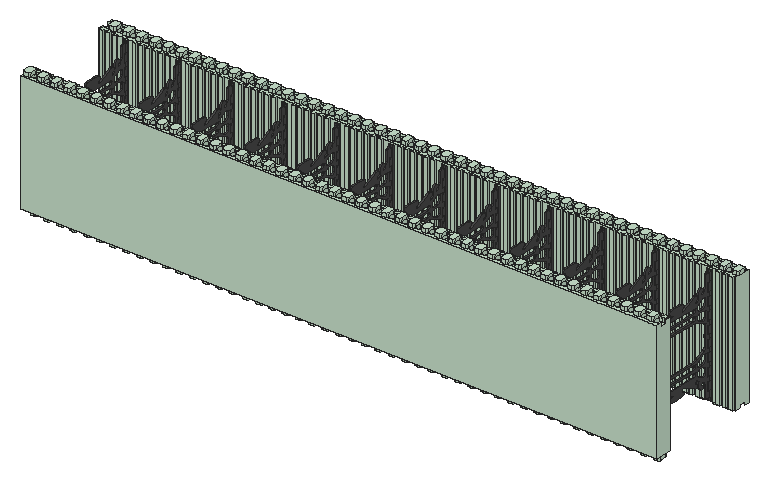
Revit family (continued)
Forms (mm)
  Extrusion 166, void
    sketch origin (1371.6, 76.139, 0) x (1, 0, 0) y (0, 1, 0)
      loop
        arc (29.796, 130.453) -> (26.615, 128.147) -> (25.4, 124.411) r 6.35
    from 0 to 12.7
  Extrusion 167, void
    sketch origin (1320.8, 76.139, 0) x (1, 0, 0) y (0, 1, 0)
      loop
        line (25.4, 124.411) -> (25.4, 101.014)
        arc (25.4, 101.014) -> (26.615, 97.278) -> (29.796, 94.972) r 6.35
        arc (29.796, 94.972) -> (36.091, 93.737) -> (42.5, 94.024) r 26.988
        arc (42.5, 94.024) -> (43.786, 93.668) -> (44.346, 92.457) r 1.587
        line (44.346, 92.457) -> (44.346, 86.829) -> (48.685, 86.829) -> (48.685, 95.62)
        arc (48.685, 95.62) -> (48.795, 96.199) -> (49.108, 96.698) r 1.588
        arc (49.108, 96.698) -> (50.362, 98.696) -> (50.8, 101.014) r 6.35
        line (50.8, 101.014) -> (50.8, 124.411)
        arc (50.8, 124.411) -> (49.585, 128.147) -> (46.404, 130.453) r 6.35
        arc (46.404, 130.453) -> (38.1, 131.763) -> (29.796, 130.453) r 26.987
        arc (29.796, 130.453) -> (26.615, 128.147) -> (25.4, 124.411) r 6.35
    from 0 to 12.7
  Extrusion 168, void
    sketch origin (1270, 76.139, 0) x (1, 0, 0) y (0, 1, 0)
      loop
        line (25.4, 124.411) -> (25.4, 101.014)
        arc (25.4, 101.014) -> (26.615, 97.278) -> (29.796, 94.972) r 6.35
        arc (29.796, 94.972) -> (36.091, 93.737) -> (42.5, 94.024) r 26.988
        arc (42.5, 94.024) -> (43.786, 93.668) -> (44.346, 92.457) r 1.587
        line (44.346, 92.457) -> (44.346, 86.829) -> (48.685, 86.829) -> (48.685, 95.62)
        arc (48.685, 95.62) -> (48.795, 96.199) -> (49.108, 96.698) r 1.588
        arc (49.108, 96.698) -> (50.362, 98.696) -> (50.8, 101.014) r 6.35
        line (50.8, 101.014) -> (50.8, 124.411)
        arc (50.8, 124.411) -> (49.585, 128.147) -> (46.404, 130.453) r 6.35
        arc (46.404, 130.453) -> (38.1, 131.763) -> (29.796, 130.453) r 26.987
        arc (29.796, 130.453) -> (26.615, 128.147) -> (25.4, 124.411) r 6.35
    from 0 to 12.7
  Extrusion 169, void
    sketch origin (1219.2, 76.139, 0) x (1, 0, 0) y (0, 1, 0)
      loop
        line (25.4, 124.411) -> (25.4, 101.014)
        arc (25.4, 101.014) -> (26.615, 97.278) -> (29.796, 94.972) r 6.35
        arc (29.796, 94.972) -> (36.091, 93.737) -> (42.5, 94.024) r 26.988
        arc (42.5, 94.024) -> (43.786, 93.668) -> (44.346, 92.457) r 1.587
        line (44.346, 92.457) -> (44.346, 86.829) -> (48.685, 86.829) -> (48.685, 95.62)
        arc (48.685, 95.62) -> (48.795, 96.199) -> (49.108, 96.698) r 1.588
        arc (49.108, 96.698) -> (50.362, 98.696) -> (50.8, 101.014) r 6.35
        line (50.8, 101.014) -> (50.8, 124.411)
        arc (50.8, 124.411) -> (49.585, 128.147) -> (46.404, 130.453) r 6.35
        arc (46.404, 130.453) -> (38.1, 131.763) -> (29.796, 130.453) r 26.987
        arc (29.796, 130.453) -> (26.615, 128.147) -> (25.4, 124.411) r 6.35
    from 0 to 12.7
  Extrusion 170, void
    sketch origin (1168.4, 76.139, 0) x (1, 0, 0) y (0, 1, 0)
      loop
        line (25.4, 124.411) -> (25.4, 101.014)
        arc (25.4, 101.014) -> (26.615, 97.278) -> (29.796, 94.972) r 6.35
        arc (29.796, 94.972) -> (36.091, 93.737) -> (42.5, 94.024) r 26.988
        arc (42.5, 94.024) -> (43.786, 93.668) -> (44.346, 92.457) r 1.587
        line (44.346, 92.457) -> (44.346, 86.829) -> (48.685, 86.829) -> (48.685, 95.62)
        arc (48.685, 95.62) -> (48.795, 96.199) -> (49.108, 96.698) r 1.588
        arc (49.108, 96.698) -> (50.362, 98.696) -> (50.8, 101.014) r 6.35
        line (50.8, 101.014) -> (50.8, 124.411)
        arc (50.8, 124.411) -> (49.585, 128.147) -> (46.404, 130.453) r 6.35
        arc (46.404, 130.453) -> (38.1, 131.763) -> (29.796, 130.453) r 26.987
        arc (29.796, 130.453) -> (26.615, 128.147) -> (25.4, 124.411) r 6.35
    from 0 to 12.7
  Extrusion 171, void
    sketch origin (1117.6, 76.139, 0) x (1, 0, 0) y (0, 1, 0)
      loop
        line (25.4, 124.411) -> (25.4, 101.014)
        arc (25.4, 101.014) -> (26.615, 97.278) -> (29.796, 94.972) r 6.35
        arc (29.796, 94.972) -> (36.091, 93.737) -> (42.5, 94.024) r 26.988
        arc (42.5, 94.024) -> (43.786, 93.668) -> (44.346, 92.457) r 1.587
        line (44.346, 92.457) -> (44.346, 86.829) -> (48.685, 86.829) -> (48.685, 95.62)
        arc (48.685, 95.62) -> (48.795, 96.199) -> (49.108, 96.698) r 1.588
        arc (49.108, 96.698) -> (50.362, 98.696) -> (50.8, 101.014) r 6.35
        line (50.8, 101.014) -> (50.8, 124.411)
        arc (50.8, 124.411) -> (49.585, 128.147) -> (46.404, 130.453) r 6.35
        arc (46.404, 130.453) -> (38.1, 131.763) -> (29.796, 130.453) r 26.987
        arc (29.796, 130.453) -> (26.615, 128.147) -> (25.4, 124.411) r 6.35
    from 0 to 12.7
  Extrusion 172, void
    sketch origin (1066.8, 76.139, 0) x (1, 0, 0) y (0, 1, 0)
      loop
        line (25.4, 124.411) -> (25.4, 101.014)
        arc (25.4, 101.014) -> (26.615, 97.278) -> (29.796, 94.972) r 6.35
        arc (29.796, 94.972) -> (36.091, 93.737) -> (42.5, 94.024) r 26.988
        arc (42.5, 94.024) -> (43.786, 93.668) -> (44.346, 92.457) r 1.587
        line (44.346, 92.457) -> (44.346, 86.829) -> (48.685, 86.829) -> (48.685, 95.62)
        arc (48.685, 95.62) -> (48.795, 96.199) -> (49.108, 96.698) r 1.588
        arc (49.108, 96.698) -> (50.362, 98.696) -> (50.8, 101.014) r 6.35
        line (50.8, 101.014) -> (50.8, 124.411)
        arc (50.8, 124.411) -> (49.585, 128.147) -> (46.404, 130.453) r 6.35
        arc (46.404, 130.453) -> (38.1, 131.763) -> (29.796, 130.453) r 26.987
        arc (29.796, 130.453) -> (26.615, 128.147) -> (25.4, 124.411) r 6.35
    from 0 to 12.7
  Extrusion 173, void
    sketch origin (1016, 76.139, 0) x (1, 0, 0) y (0, 1, 0)
      loop
        line (25.4, 124.411) -> (25.4, 101.014)
        arc (25.4, 101.014) -> (26.615, 97.278) -> (29.796, 94.972) r 6.35
        arc (29.796, 94.972) -> (36.091, 93.737) -> (42.5, 94.024) r 26.988
        arc (42.5, 94.024) -> (43.786, 93.668) -> (44.346, 92.457) r 1.587
        line (44.346, 92.457) -> (44.346, 86.829) -> (48.685, 86.829) -> (48.685, 95.62)
        arc (48.685, 95.62) -> (48.795, 96.199) -> (49.108, 96.698) r 1.588
        arc (49.108, 96.698) -> (50.362, 98.696) -> (50.8, 101.014) r 6.35
        line (50.8, 101.014) -> (50.8, 124.411)
        arc (50.8, 124.411) -> (49.585, 128.147) -> (46.404, 130.453) r 6.35
        arc (46.404, 130.453) -> (38.1, 131.763) -> (29.796, 130.453) r 26.987
        arc (29.796, 130.453) -> (26.615, 128.147) -> (25.4, 124.411) r 6.35
    from 0 to 12.7
  Extrusion 174, void
    sketch origin (965.2, 76.139, 0) x (1, 0, 0) y (0, 1, 0)
      loop
        line (25.4, 124.411) -> (25.4, 101.014)
        arc (25.4, 101.014) -> (26.615, 97.278) -> (29.796, 94.972) r 6.35
        arc (29.796, 94.972) -> (36.091, 93.737) -> (42.5, 94.024) r 26.988
        arc (42.5, 94.024) -> (43.786, 93.668) -> (44.346, 92.457) r 1.587
        line (44.346, 92.457) -> (44.346, 86.829) -> (48.685, 86.829) -> (48.685, 95.62)
        arc (48.685, 95.62) -> (48.795, 96.199) -> (49.108, 96.698) r 1.588
        arc (49.108, 96.698) -> (50.362, 98.696) -> (50.8, 101.014) r 6.35
        line (50.8, 101.014) -> (50.8, 124.411)
        arc (50.8, 124.411) -> (49.585, 128.147) -> (46.404, 130.453) r 6.35
        arc (46.404, 130.453) -> (38.1, 131.763) -> (29.796, 130.453) r 26.987
        arc (29.796, 130.453) -> (26.615, 128.147) -> (25.4, 124.411) r 6.35
    from 0 to 12.7
  Extrusion 175, void
    sketch origin (914.4, 76.139, 0) x (1, 0, 0) y (0, 1, 0)
      loop
        line (25.4, 124.411) -> (25.4, 101.014)
        arc (25.4, 101.014) -> (26.615, 97.278) -> (29.796, 94.972) r 6.35
        arc (29.796, 94.972) -> (36.091, 93.737) -> (42.5, 94.024) r 26.988
        arc (42.5, 94.024) -> (43.786, 93.668) -> (44.346, 92.457) r 1.587
        line (44.346, 92.457) -> (44.346, 86.829) -> (48.685, 86.829) -> (48.685, 95.62)
        arc (48.685, 95.62) -> (48.795, 96.199) -> (49.108, 96.698) r 1.588
        arc (49.108, 96.698) -> (50.362, 98.696) -> (50.8, 101.014) r 6.35
        line (50.8, 101.014) -> (50.8, 124.411)
        arc (50.8, 124.411) -> (49.585, 128.147) -> (46.404, 130.453) r 6.35
        arc (46.404, 130.453) -> (38.1, 131.763) -> (29.796, 130.453) r 26.987
        arc (29.796, 130.453) -> (26.615, 128.147) -> (25.4, 124.411) r 6.35
    from 0 to 12.7
  Extrusion 176, void
    sketch origin (863.6, 76.139, 0) x (1, 0, 0) y (0, 1, 0)
      loop
        line (25.4, 124.411) -> (25.4, 101.014)
        arc (25.4, 101.014) -> (26.615, 97.278) -> (29.796, 94.972) r 6.35
        arc (29.796, 94.972) -> (36.091, 93.737) -> (42.5, 94.024) r 26.988
        arc (42.5, 94.024) -> (43.786, 93.668) -> (44.346, 92.457) r 1.587
        line (44.346, 92.457) -> (44.346, 86.829) -> (48.685, 86.829) -> (48.685, 95.62)
        arc (48.685, 95.62) -> (48.795, 96.199) -> (49.108, 96.698) r 1.588
        arc (49.108, 96.698) -> (50.362, 98.696) -> (50.8, 101.014) r 6.35
        line (50.8, 101.014) -> (50.8, 124.411)
        arc (50.8, 124.411) -> (49.585, 128.147) -> (46.404, 130.453) r 6.35
        arc (46.404, 130.453) -> (38.1, 131.763) -> (29.796, 130.453) r 26.987
        arc (29.796, 130.453) -> (26.615, 128.147) -> (25.4, 124.411) r 6.35
    from 0 to 12.7
  Extrusion 177, void
    sketch origin (812.8, 76.139, 0) x (1, 0, 0) y (0, 1, 0)
      loop
        line (25.4, 124.411) -> (25.4, 101.014)
        arc (25.4, 101.014) -> (26.615, 97.278) -> (29.796, 94.972) r 6.35
        arc (29.796, 94.972) -> (36.091, 93.737) -> (42.5, 94.024) r 26.988
        arc (42.5, 94.024) -> (43.786, 93.668) -> (44.346, 92.457) r 1.587
        line (44.346, 92.457) -> (44.346, 86.829) -> (48.685, 86.829) -> (48.685, 95.62)
        arc (48.685, 95.62) -> (48.795, 96.199) -> (49.108, 96.698) r 1.588
        arc (49.108, 96.698) -> (50.362, 98.696) -> (50.8, 101.014) r 6.35
        line (50.8, 101.014) -> (50.8, 124.411)
        arc (50.8, 124.411) -> (49.585, 128.147) -> (46.404, 130.453) r 6.35
        arc (46.404, 130.453) -> (38.1, 131.763) -> (29.796, 130.453) r 26.987
        arc (29.796, 130.453) -> (26.615, 128.147) -> (25.4, 124.411) r 6.35
    from 0 to 12.7
  Extrusion 178, void
    sketch origin (762, 76.139, 0) x (1, 0, 0) y (0, 1, 0)
      loop
        line (25.4, 124.411) -> (25.4, 101.014)
        arc (25.4, 101.014) -> (26.615, 97.278) -> (29.796, 94.972) r 6.35
        arc (29.796, 94.972) -> (36.091, 93.737) -> (42.5, 94.024) r 26.988
        arc (42.5, 94.024) -> (43.786, 93.668) -> (44.346, 92.457) r 1.587
        line (44.346, 92.457) -> (44.346, 86.829) -> (48.685, 86.829) -> (48.685, 95.62)
        arc (48.685, 95.62) -> (48.795, 96.199) -> (49.108, 96.698) r 1.588
        arc (49.108, 96.698) -> (50.362, 98.696) -> (50.8, 101.014) r 6.35
        line (50.8, 101.014) -> (50.8, 124.411)
        arc (50.8, 124.411) -> (49.585, 128.147) -> (46.404, 130.453) r 6.35
        arc (46.404, 130.453) -> (38.1, 131.763) -> (29.796, 130.453) r 26.987
        arc (29.796, 130.453) -> (26.615, 128.147) -> (25.4, 124.411) r 6.35
    from 0 to 12.7
  Extrusion 179, void
    sketch origin (711.2, 76.139, 0) x (1, 0, 0) y (0, 1, 0)
      loop
        line (25.4, 124.411) -> (25.4, 101.014)
        arc (25.4, 101.014) -> (26.615, 97.278) -> (29.796, 94.972) r 6.35
        arc (29.796, 94.972) -> (36.091, 93.737) -> (42.5, 94.024) r 26.988
        arc (42.5, 94.024) -> (43.786, 93.668) -> (44.346, 92.457) r 1.587
        line (44.346, 92.457) -> (44.346, 86.829) -> (48.685, 86.829) -> (48.685, 95.62)
        arc (48.685, 95.62) -> (48.795, 96.199) -> (49.108, 96.698) r 1.588
        arc (49.108, 96.698) -> (50.362, 98.696) -> (50.8, 101.014) r 6.35
        line (50.8, 101.014) -> (50.8, 124.411)
        arc (50.8, 124.411) -> (49.585, 128.147) -> (46.404, 130.453) r 6.35
        arc (46.404, 130.453) -> (38.1, 131.763) -> (29.796, 130.453) r 26.987
        arc (29.796, 130.453) -> (26.615, 128.147) -> (25.4, 124.411) r 6.35
    from 0 to 12.7
  Extrusion 180, void
    sketch origin (660.4, 76.139, 0) x (1, 0, 0) y (0, 1, 0)
      loop
        line (25.4, 124.411) -> (25.4, 101.014)
        arc (25.4, 101.014) -> (26.615, 97.278) -> (29.796, 94.972) r 6.35
        arc (29.796, 94.972) -> (36.091, 93.737) -> (42.5, 94.024) r 26.988
        arc (42.5, 94.024) -> (43.786, 93.668) -> (44.346, 92.457) r 1.587
        line (44.346, 92.457) -> (44.346, 86.829) -> (48.685, 86.829) -> (48.685, 95.62)
        arc (48.685, 95.62) -> (48.795, 96.199) -> (49.108, 96.698) r 1.588
        arc (49.108, 96.698) -> (50.362, 98.696) -> (50.8, 101.014) r 6.35
        line (50.8, 101.014) -> (50.8, 124.411)
        arc (50.8, 124.411) -> (49.585, 128.147) -> (46.404, 130.453) r 6.35
        arc (46.404, 130.453) -> (38.1, 131.763) -> (29.796, 130.453) r 26.987
        arc (29.796, 130.453) -> (26.615, 128.147) -> (25.4, 124.411) r 6.35
    from 0 to 12.7
  Extrusion 181, void
    sketch origin (609.6, 76.139, 0) x (1, 0, 0) y (0, 1, 0)
      loop
        line (25.4, 124.411) -> (25.4, 101.014)
        arc (25.4, 101.014) -> (26.615, 97.278) -> (29.796, 94.972) r 6.35
        arc (29.796, 94.972) -> (36.091, 93.737) -> (42.5, 94.024) r 26.988
        arc (42.5, 94.024) -> (43.786, 93.668) -> (44.346, 92.457) r 1.587
        line (44.346, 92.457) -> (44.346, 86.829) -> (48.685, 86.829) -> (48.685, 95.62)
        arc (48.685, 95.62) -> (48.795, 96.199) -> (49.108, 96.698) r 1.588
        arc (49.108, 96.698) -> (50.362, 98.696) -> (50.8, 101.014) r 6.35
        line (50.8, 101.014) -> (50.8, 124.411)
        arc (50.8, 124.411) -> (49.585, 128.147) -> (46.404, 130.453) r 6.35
        arc (46.404, 130.453) -> (38.1, 131.763) -> (29.796, 130.453) r 26.987
        arc (29.796, 130.453) -> (26.615, 128.147) -> (25.4, 124.411) r 6.35
    from 0 to 12.7
  Extrusion 182, void
    sketch origin (558.8, 76.139, 0) x (1, 0, 0) y (0, 1, 0)
      loop
        line (25.4, 124.411) -> (25.4, 101.014)
        arc (25.4, 101.014) -> (26.615, 97.278) -> (29.796, 94.972) r 6.35
        arc (29.796, 94.972) -> (36.091, 93.737) -> (42.5, 94.024) r 26.988
        arc (42.5, 94.024) -> (43.786, 93.668) -> (44.346, 92.457) r 1.587
        line (44.346, 92.457) -> (44.346, 86.829) -> (48.685, 86.829) -> (48.685, 95.62)
        arc (48.685, 95.62) -> (48.795, 96.199) -> (49.108, 96.698) r 1.588
        arc (49.108, 96.698) -> (50.362, 98.696) -> (50.8, 101.014) r 6.35
        line (50.8, 101.014) -> (50.8, 124.411)
        arc (50.8, 124.411) -> (49.585, 128.147) -> (46.404, 130.453) r 6.35
        arc (46.404, 130.453) -> (38.1, 131.763) -> (29.796, 130.453) r 26.987
        arc (29.796, 130.453) -> (26.615, 128.147) -> (25.4, 124.411) r 6.35
    from 0 to 12.7
  Extrusion 183, void
    sketch origin (508, 76.139, 0) x (1, 0, 0) y (0, 1, 0)
      loop
        line (25.4, 124.411) -> (25.4, 101.014)
        arc (25.4, 101.014) -> (26.615, 97.278) -> (29.796, 94.972) r 6.35
        arc (29.796, 94.972) -> (36.091, 93.737) -> (42.5, 94.024) r 26.988
        arc (42.5, 94.024) -> (43.786, 93.668) -> (44.346, 92.457) r 1.587
        line (44.346, 92.457) -> (44.346, 86.829) -> (48.685, 86.829) -> (48.685, 95.62)
        arc (48.685, 95.62) -> (48.795, 96.199) -> (49.108, 96.698) r 1.588
        arc (49.108, 96.698) -> (50.362, 98.696) -> (50.8, 101.014) r 6.35
        line (50.8, 101.014) -> (50.8, 124.411)
        arc (50.8, 124.411) -> (49.585, 128.147) -> (46.404, 130.453) r 6.35
        arc (46.404, 130.453) -> (38.1, 131.763) -> (29.796, 130.453) r 26.987
        arc (29.796, 130.453) -> (26.615, 128.147) -> (25.4, 124.411) r 6.35
    from 0 to 12.7
  Extrusion 184, void
    sketch origin (457.2, 76.139, 0) x (1, 0, 0) y (0, 1, 0)
      loop
        line (25.4, 124.411) -> (25.4, 101.014)
        arc (25.4, 101.014) -> (26.615, 97.278) -> (29.796, 94.972) r 6.35
        arc (29.796, 94.972) -> (36.091, 93.737) -> (42.5, 94.024) r 26.988
        arc (42.5, 94.024) -> (43.786, 93.668) -> (44.346, 92.457) r 1.587
        line (44.346, 92.457) -> (44.346, 86.829) -> (48.685, 86.829) -> (48.685, 95.62)
        arc (48.685, 95.62) -> (48.795, 96.199) -> (49.108, 96.698) r 1.588
        arc (49.108, 96.698) -> (50.362, 98.696) -> (50.8, 101.014) r 6.35
        line (50.8, 101.014) -> (50.8, 124.411)
        arc (50.8, 124.411) -> (49.585, 128.147) -> (46.404, 130.453) r 6.35
        arc (46.404, 130.453) -> (38.1, 131.763) -> (29.796, 130.453) r 26.987
        arc (29.796, 130.453) -> (26.615, 128.147) -> (25.4, 124.411) r 6.35
    from 0 to 12.7
  Extrusion 185, void
    sketch origin (406.4, 76.139, 0) x (1, 0, 0) y (0, 1, 0)
      loop
        line (25.4, 124.411) -> (25.4, 101.014)
        arc (25.4, 101.014) -> (26.615, 97.278) -> (29.796, 94.972) r 6.35
        arc (29.796, 94.972) -> (36.091, 93.737) -> (42.5, 94.024) r 26.988
        arc (42.5, 94.024) -> (43.786, 93.668) -> (44.346, 92.457) r 1.587
        line (44.346, 92.457) -> (44.346, 86.829) -> (48.685, 86.829) -> (48.685, 95.62)
        arc (48.685, 95.62) -> (48.795, 96.199) -> (49.108, 96.698) r 1.588
        arc (49.108, 96.698) -> (50.362, 98.696) -> (50.8, 101.014) r 6.35
        line (50.8, 101.014) -> (50.8, 124.411)
        arc (50.8, 124.411) -> (49.585, 128.147) -> (46.404, 130.453) r 6.35
        arc (46.404, 130.453) -> (38.1, 131.763) -> (29.796, 130.453) r 26.987
        arc (29.796, 130.453) -> (26.615, 128.147) -> (25.4, 124.411) r 6.35
    from 0 to 12.7
  Extrusion 186, void
    sketch origin (355.6, 76.139, 0) x (1, 0, 0) y (0, 1, 0)
      loop
        line (25.4, 124.411) -> (25.4, 101.014)
        arc (25.4, 101.014) -> (26.615, 97.278) -> (29.796, 94.972) r 6.35
        arc (29.796, 94.972) -> (36.091, 93.737) -> (42.5, 94.024) r 26.988
        arc (42.5, 94.024) -> (43.786, 93.668) -> (44.346, 92.457) r 1.587
        line (44.346, 92.457) -> (44.346, 86.829) -> (48.685, 86.829) -> (48.685, 95.62)
        arc (48.685, 95.62) -> (48.795, 96.199) -> (49.108, 96.698) r 1.588
        arc (49.108, 96.698) -> (50.362, 98.696) -> (50.8, 101.014) r 6.35
        line (50.8, 101.014) -> (50.8, 124.411)
        arc (50.8, 124.411) -> (49.585, 128.147) -> (46.404, 130.453) r 6.35
        arc (46.404, 130.453) -> (38.1, 131.763) -> (29.796, 130.453) r 26.987
        arc (29.796, 130.453) -> (26.615, 128.147) -> (25.4, 124.411) r 6.35
    from 0 to 12.7
  Extrusion 187, void
    sketch origin (304.8, 76.139, 0) x (1, 0, 0) y (0, 1, 0)
      loop
        line (25.4, 124.411) -> (25.4, 101.014)
        arc (25.4, 101.014) -> (26.615, 97.278) -> (29.796, 94.972) r 6.35
        arc (29.796, 94.972) -> (36.091, 93.737) -> (42.5, 94.024) r 26.988
        arc (42.5, 94.024) -> (43.786, 93.668) -> (44.346, 92.457) r 1.587
        line (44.346, 92.457) -> (44.346, 86.829) -> (48.685, 86.829) -> (48.685, 95.62)
        arc (48.685, 95.62) -> (48.795, 96.199) -> (49.108, 96.698) r 1.588
        arc (49.108, 96.698) -> (50.362, 98.696) -> (50.8, 101.014) r 6.35
        line (50.8, 101.014) -> (50.8, 124.411)
        arc (50.8, 124.411) -> (49.585, 128.147) -> (46.404, 130.453) r 6.35
        arc (46.404, 130.453) -> (38.1, 131.763) -> (29.796, 130.453) r 26.987
        arc (29.796, 130.453) -> (26.615, 128.147) -> (25.4, 124.411) r 6.35
    from 0 to 12.7
  Extrusion 188, void
    sketch origin (254, 76.139, 0) x (1, 0, 0) y (0, 1, 0)
      loop
        line (25.4, 124.411) -> (25.4, 101.014)
        arc (25.4, 101.014) -> (26.615, 97.278) -> (29.796, 94.972) r 6.35
        arc (29.796, 94.972) -> (36.091, 93.737) -> (42.5, 94.024) r 26.988
        arc (42.5, 94.024) -> (43.786, 93.668) -> (44.346, 92.457) r 1.587
        line (44.346, 92.457) -> (44.346, 86.829) -> (48.685, 86.829) -> (48.685, 95.62)
        arc (48.685, 95.62) -> (48.795, 96.199) -> (49.108, 96.698) r 1.588
        arc (49.108, 96.698) -> (50.362, 98.696) -> (50.8, 101.014) r 6.35
        line (50.8, 101.014) -> (50.8, 124.411)
        arc (50.8, 124.411) -> (49.585, 128.147) -> (46.404, 130.453) r 6.35
        arc (46.404, 130.453) -> (38.1, 131.763) -> (29.796, 130.453) r 26.987
        arc (29.796, 130.453) -> (26.615, 128.147) -> (25.4, 124.411) r 6.35
    from 0 to 12.7
  Extrusion 189, void
    sketch origin (203.2, 76.139, 0) x (1, 0, 0) y (0, 1, 0)
      loop
        line (25.4, 124.411) -> (25.4, 101.014)
        arc (25.4, 101.014) -> (26.615, 97.278) -> (29.796, 94.972) r 6.35
        arc (29.796, 94.972) -> (36.091, 93.737) -> (42.5, 94.024) r 26.988
        arc (42.5, 94.024) -> (43.786, 93.668) -> (44.346, 92.457) r 1.587
        line (44.346, 92.457) -> (44.346, 86.829) -> (48.685, 86.829) -> (48.685, 95.62)
        arc (48.685, 95.62) -> (48.795, 96.199) -> (49.108, 96.698) r 1.588
        arc (49.108, 96.698) -> (50.362, 98.696) -> (50.8, 101.014) r 6.35
        line (50.8, 101.014) -> (50.8, 124.411)
        arc (50.8, 124.411) -> (49.585, 128.147) -> (46.404, 130.453) r 6.35
        arc (46.404, 130.453) -> (38.1, 131.763) -> (29.796, 130.453) r 26.987
        arc (29.796, 130.453) -> (26.615, 128.147) -> (25.4, 124.411) r 6.35
    from 0 to 12.7
  Extrusion 190, void
    sketch origin (152.4, 76.139, 0) x (1, 0, 0) y (0, 1, 0)
      loop
        line (25.4, 124.411) -> (25.4, 101.014)
        arc (25.4, 101.014) -> (26.615, 97.278) -> (29.796, 94.972) r 6.35
        arc (29.796, 94.972) -> (36.091, 93.737) -> (42.5, 94.024) r 26.988
        arc (42.5, 94.024) -> (43.786, 93.668) -> (44.346, 92.457) r 1.587
        line (44.346, 92.457) -> (44.346, 86.829) -> (48.685, 86.829) -> (48.685, 95.62)
        arc (48.685, 95.62) -> (48.795, 96.199) -> (49.108, 96.698) r 1.588
        arc (49.108, 96.698) -> (50.362, 98.696) -> (50.8, 101.014) r 6.35
        line (50.8, 101.014) -> (50.8, 124.411)
        arc (50.8, 124.411) -> (49.585, 128.147) -> (46.404, 130.453) r 6.35
        arc (46.404, 130.453) -> (38.1, 131.763) -> (29.796, 130.453) r 26.987
        arc (29.796, 130.453) -> (26.615, 128.147) -> (25.4, 124.411) r 6.35
    from 0 to 12.7
  Extrusion 191, void
    sketch origin (101.6, 76.139, 0) x (1, 0, 0) y (0, 1, 0)
      loop
        line (25.4, 124.411) -> (25.4, 101.014)
        arc (25.4, 101.014) -> (26.615, 97.278) -> (29.796, 94.972) r 6.35
        arc (29.796, 94.972) -> (36.091, 93.737) -> (42.5, 94.024) r 26.988
        arc (42.5, 94.024) -> (43.786, 93.668) -> (44.346, 92.457) r 1.587
        line (44.346, 92.457) -> (44.346, 86.829) -> (48.685, 86.829) -> (48.685, 95.62)
        arc (48.685, 95.62) -> (48.795, 96.199) -> (49.108, 96.698) r 1.588
        arc (49.108, 96.698) -> (50.362, 98.696) -> (50.8, 101.014) r 6.35
        line (50.8, 101.014) -> (50.8, 124.411)
        arc (50.8, 124.411) -> (49.585, 128.147) -> (46.404, 130.453) r 6.35
        arc (46.404, 130.453) -> (38.1, 131.763) -> (29.796, 130.453) r 26.987
        arc (29.796, 130.453) -> (26.615, 128.147) -> (25.4, 124.411) r 6.35
    from 0 to 12.7
  Extrusion 192, void
    sketch origin (50.8, 76.139, 0) x (1, 0, 0) y (0, 1, 0)
      loop
        line (25.4, 124.411) -> (25.4, 101.014)
        arc (25.4, 101.014) -> (26.615, 97.278) -> (29.796, 94.972) r 6.35
        arc (29.796, 94.972) -> (36.091, 93.737) -> (42.5, 94.024) r 26.988
        arc (42.5, 94.024) -> (43.786, 93.668) -> (44.346, 92.457) r 1.587
        line (44.346, 92.457) -> (44.346, 86.829) -> (48.685, 86.829) -> (48.685, 95.62)
        arc (48.685, 95.62) -> (48.795, 96.199) -> (49.108, 96.698) r 1.588
        arc (49.108, 96.698) -> (50.362, 98.696) -> (50.8, 101.014) r 6.35
        line (50.8, 101.014) -> (50.8, 124.411)
        arc (50.8, 124.411) -> (49.585, 128.147) -> (46.404, 130.453) r 6.35
        arc (46.404, 130.453) -> (38.1, 131.763) -> (29.796, 130.453) r 26.987
        arc (29.796, 130.453) -> (26.615, 128.147) -> (25.4, 124.411) r 6.35
    from 0 to 12.7
  Extrusion 193, void
    sketch origin (0, 76.139, 0) x (1, 0, 0) y (0, 1, 0)
      loop
        line (25.4, 124.411) -> (25.4, 101.014)
        arc (25.4, 101.014) -> (26.615, 97.278) -> (29.796, 94.972) r 6.35
        arc (29.796, 94.972) -> (36.091, 93.737) -> (42.5, 94.024) r 26.988
        arc (42.5, 94.024) -> (43.786, 93.668) -> (44.346, 92.457) r 1.587
        line (44.346, 92.457) -> (44.346, 86.829) -> (48.685, 86.829) -> (48.685, 95.62)
        arc (48.685, 95.62) -> (48.795, 96.199) -> (49.108, 96.698) r 1.588
        arc (49.108, 96.698) -> (50.362, 98.696) -> (50.8, 101.014) r 6.35
        line (50.8, 101.014) -> (50.8, 124.411)
        arc (50.8, 124.411) -> (49.585, 128.147) -> (46.404, 130.453) r 6.35
        arc (46.404, 130.453) -> (38.1, 131.763) -> (29.796, 130.453) r 26.987
        arc (29.796, 130.453) -> (26.615, 128.147) -> (25.4, 124.411) r 6.35
    from 0 to 12.7
Cuts and joins
  Extrusion 2, Extrusion 3, Extrusion 4, Extrusion 5, Extrusion 6, Extrusion 7, Extrusion 8, Extrusion 9, Extrusion 10, Extrusion 11, Extrusion 12, Extrusion 13, Extrusion 14, Extrusion 15, Extrusion 16, Extrusion 17, Extrusion 18, Extrusion 19, Extrusion 20, Extrusion 21, Extrusion 22, Extrusion 23, Extrusion 24, Extrusion 25, Extrusion 26, Extrusion 27, Extrusion 28, Extrusion 29, Extrusion 30, Extrusion 31, Extrusion 32, Extrusion 33, Extrusion 34, Extrusion 35, Extrusion 36, Extrusion 37, Extrusion 38, Extrusion 39, Extrusion 40, Extrusion 41, Extrusion 42, Extrusion 43, Extrusion 44, Extrusion 45, Extrusion 46, Extrusion 47, Extrusion 48, Extrusion 49, Extrusion 50, Extrusion 51, Extrusion 52, Extrusion 53, Extrusion 54, Extrusion 55, Extrusion 56, Extrusion 57, Extrusion 58, Extrusion 59, Extrusion 60, Extrusion 61, Extrusion 62, Extrusion 63, Extrusion 64, Extrusion 65, Extrusion 66, Extrusion 67, Extrusion 68, Extrusion 69, Extrusion 70, Extrusion 71, Extrusion 72, Extrusion 73, Extrusion 74, Extrusion 75, Extrusion 76, Extrusion 77, Extrusion 78, Extrusion 79, Extrusion 80, Extrusion 81, Extrusion 82, Extrusion 83, Extrusion 84, Extrusion 85, Extrusion 86, Extrusion 87, Extrusion 88, Extrusion 89, Extrusion 90, Extrusion 91, Extrusion 92, Extrusion 93, Extrusion 94, Extrusion 95, Extrusion 96, Extrusion 97, Extrusion 98, Extrusion 99, Extrusion 100, Extrusion 101, Extrusion 102, Extrusion 103, Extrusion 104, Extrusion 105, Extrusion 106, Extrusion 107, Extrusion 108, Extrusion 109, Extrusion 110, Extrusion 111, Extrusion 112, Extrusion 113, Extrusion 114, Extrusion 115, Extrusion 117, Extrusion 118, Extrusion 119, Extrusion 120, Extrusion 121, Extrusion 122, Extrusion 123, Extrusion 124, Extrusion 125, Extrusion 126, Extrusion 127, Extrusion 128, Extrusion 129, Extrusion 130, Extrusion 131, Extrusion 132, Extrusion 133, Extrusion 134, Extrusion 135, Extrusion 136, Extrusion 137, Extrusion 138, Extrusion 139, Extrusion 140, Extrusion 141, Extrusion 142, Extrusion 143, Extrusion 144, Extrusion 145, Extrusion 146, Extrusion 147, Extrusion 148, Extrusion 149, Extrusion 150, Extrusion 151, Extrusion 152, Extrusion 153, Extrusion 154, Extrusion 155, Extrusion 156, Extrusion 157, Extrusion 158, Extrusion 159, Extrusion 160, Extrusion 161, Extrusion 162, Extrusion 163, Extrusion 164, Extrusion 165, Extrusion 166, Extrusion 167, Extrusion 168, Extrusion 169, Extrusion 170, Extrusion 171, Extrusion 172, Extrusion 173, Extrusion 174, Extrusion 175, Extrusion 176, Extrusion 177, Extrusion 178, Extrusion 179, Extrusion 180, Extrusion 181, Extrusion 182, Extrusion 183, Extrusion 184, Extrusion 185, Extrusion 186, Extrusion 187, Extrusion 188, Extrusion 189, Extrusion 190, Extrusion 191, Extrusion 192, Extrusion 193 cuts Extrusion 1
Lines and regions (mm)
  model lines
    curve 1: line (203.2, -219.136, 457.2) -> (203.2, -219.136, 0)
    curve 2: line (2235.2, 219.014, 457.2) -> (2235.2, 219.014, 0)
    curve 3: line (1625.6, 219.014, 457.2) -> (1625.6, 219.014, 0)
    curve 4: line (1016, 219.014, 457.2) -> (1016, 219.014, 0)
    curve 5: line (406.4, 219.014, 457.2) -> (406.4, 219.014, 0)
Dimensions and locks
  aligned and locked: level to plane 2
  aligned and locked: level to Extrusion 1
Nested families
  nested 1: "NUDURA Diamond Pattern" at (0, -76.261, 0), type "NUDURA Diamond Pattern"
  nested 2: "NUDURA Diamond Pattern" at (406.4, -76.261, 0), type "NUDURA Diamond Pattern"
  nested 3: "NUDURA Diamond Pattern" at (609.6, -76.261, 0), type "NUDURA Diamond Pattern"
  nested 4: "NUDURA Diamond Pattern" at (1016, -76.261, 0), type "NUDURA Diamond Pattern"
  nested 5: "NUDURA Diamond Pattern" at (1219.2, -76.261, 0), type "NUDURA Diamond Pattern"
  nested 6: "NUDURA Diamond Pattern" at (1625.6, -76.261, 0), type "NUDURA Diamond Pattern"
  nested 7: "NUDURA Diamond Pattern" at (1828.8, -76.261, 0), type "NUDURA Diamond Pattern"
  nested 8: "NUDURA Diamond Pattern" at (2235.2, -76.261, 0), type "NUDURA Diamond Pattern"
  nested 9: "NUDURA Diamond Pattern" at (0, 76.139, 0), type "NUDURA Diamond Pattern"
  nested 10: "NUDURA Diamond Pattern" at (406.4, 76.139, 0), type "NUDURA Diamond Pattern"
  nested 11: "NUDURA Diamond Pattern" at (609.6, 76.139, 0), type "NUDURA Diamond Pattern"
  nested 12: "NUDURA Diamond Pattern" at (1016, 76.139, 0), type "NUDURA Diamond Pattern"
  nested 13: "NUDURA Diamond Pattern" at (1219.2, 76.139, 0), type "NUDURA Diamond Pattern"
  nested 14: "NUDURA Diamond Pattern" at (1625.6, 76.139, 0), type "NUDURA Diamond Pattern"
  nested 15: "NUDURA Diamond Pattern" at (1828.8, 76.139, 0), type "NUDURA Diamond Pattern"
  nested 16: "NUDURA Diamond Pattern" at (2235.2, 76.139, 0), type "NUDURA Diamond Pattern"
  nested 17: "Interlock Tooth" at (0, -76.261, 0), type "Interlock Tooth"
  nested 18: "Interlock Tooth" at (50.8, -76.261, 0), type "Interlock Tooth"
  nested 19: "Interlock Tooth" at (101.6, -76.261, 0), type "Interlock Tooth"
  nested 20: "Interlock Tooth" at (152.4, -76.261, 0), type "Interlock Tooth"
  nested 21: "Interlock Tooth" at (203.2, -76.261, 0), type "Interlock Tooth"
  nested 22: "Interlock Tooth" at (254, -76.261, 0), type "Interlock Tooth"
  nested 23: "Interlock Tooth" at (304.8, -76.261, 0), type "Interlock Tooth"
  nested 24: "Interlock Tooth" at (355.6, -76.261, 0), type "Interlock Tooth"
  nested 25: "Interlock Tooth" at (406.4, -76.261, 0), type "Interlock Tooth"
  nested 26: "Interlock Tooth" at (457.2, -76.261, 0), type "Interlock Tooth"
  nested 27: "Interlock Tooth" at (508, -76.261, 0), type "Interlock Tooth"
  nested 28: "Interlock Tooth" at (558.8, -76.261, 0), type "Interlock Tooth"
  nested 29: "Interlock Tooth" at (609.6, -76.261, 0), type "Interlock Tooth"
  nested 30: "Interlock Tooth" at (660.4, -76.261, 0), type "Interlock Tooth"
  nested 31: "Interlock Tooth" at (711.2, -76.261, 0), type "Interlock Tooth"
  nested 32: "Interlock Tooth" at (762, -76.261, 0), type "Interlock Tooth"
  nested 33: "Interlock Tooth" at (812.8, -76.261, 0), type "Interlock Tooth"
  nested 34: "Interlock Tooth" at (863.6, -76.261, 0), type "Interlock Tooth"
  nested 35: "Interlock Tooth" at (914.4, -76.261, 0), type "Interlock Tooth"
  nested 36: "Interlock Tooth" at (965.2, -76.261, 0), type "Interlock Tooth"
  nested 37: "Interlock Tooth" at (1016, -76.261, 0), type "Interlock Tooth"
  nested 38: "Interlock Tooth" at (1066.8, -76.261, 0), type "Interlock Tooth"
  nested 39: "Interlock Tooth" at (1117.6, -76.261, 0), type "Interlock Tooth"
  nested 40: "Interlock Tooth" at (1168.4, -76.261, 0), type "Interlock Tooth"
  nested 41: "Interlock Tooth" at (1219.2, -76.261, 0), type "Interlock Tooth"
  nested 42: "Interlock Tooth" at (1270, -76.261, 0), type "Interlock Tooth"
  nested 43: "Interlock Tooth" at (1320.8, -76.261, 0), type "Interlock Tooth"
  nested 44: "Interlock Tooth" at (1371.6, -76.261, 0), type "Interlock Tooth"
  nested 45: "Interlock Tooth" at (1422.4, -76.261, 0), type "Interlock Tooth"
  nested 46: "Interlock Tooth" at (1473.2, -76.261, 0), type "Interlock Tooth"
  nested 47: "Interlock Tooth" at (1524, -76.261, 0), type "Interlock Tooth"
  nested 48: "Interlock Tooth" at (1574.8, -76.261, 0), type "Interlock Tooth"
  nested 49: "Interlock Tooth" at (1625.6, -76.261, 0), type "Interlock Tooth"
  nested 50: "Interlock Tooth" at (1676.4, -76.261, 0), type "Interlock Tooth"
  nested 51: "Interlock Tooth" at (1727.2, -76.261, 0), type "Interlock Tooth"
  nested 52: "Interlock Tooth" at (1778, -76.261, 0), type "Interlock Tooth"
  nested 53: "Interlock Tooth" at (1828.8, -76.261, 0), type "Interlock Tooth"
  nested 54: "Interlock Tooth" at (1879.6, -76.261, 0), type "Interlock Tooth"
  nested 55: "Interlock Tooth" at (1930.4, -76.261, 0), type "Interlock Tooth"
  nested 56: "Interlock Tooth" at (1981.2, -76.261, 0), type "Interlock Tooth"
  nested 57: "Interlock Tooth" at (2032, -76.261, 0), type "Interlock Tooth"
  nested 58: "Interlock Tooth" at (2082.8, -76.261, 0), type "Interlock Tooth"
  nested 59: "Interlock Tooth" at (2133.6, -76.261, 0), type "Interlock Tooth"
  nested 60: "Interlock Tooth" at (2184.4, -76.261, 0), type "Interlock Tooth"
  nested 61: "Interlock Tooth" at (2235.2, -76.261, 0), type "Interlock Tooth"
  nested 62: "Interlock Tooth" at (2286, -76.261, 0), type "Interlock Tooth"
  nested 63: "Interlock Tooth" at (2336.8, -76.261, 0), type "Interlock Tooth"
  nested 64: "Interlock Tooth" at (2387.6, -76.261, 0), type "Interlock Tooth"
  nested 65: "Interlock Tooth" at (25.4, 301.564, 0), type "Interlock Tooth"
  nested 66: "Interlock Tooth" at (76.2, 301.564, 0), type "Interlock Tooth"
  nested 67: "Interlock Tooth" at (127, 301.564, 0), type "Interlock Tooth"
  nested 68: "Interlock Tooth" at (177.8, 301.564, 0), type "Interlock Tooth"
  nested 69: "Interlock Tooth" at (228.6, 301.564, 0), type "Interlock Tooth"
  nested 70: "Interlock Tooth" at (279.4, 301.564, 0), type "Interlock Tooth"
  nested 71: "Interlock Tooth" at (330.2, 301.564, 0), type "Interlock Tooth"
  nested 72: "Interlock Tooth" at (381, 301.564, 0), type "Interlock Tooth"
  nested 73: "Interlock Tooth" at (431.8, 301.564, 0), type "Interlock Tooth"
  nested 74: "Interlock Tooth" at (482.6, 301.564, 0), type "Interlock Tooth"
  nested 75: "Interlock Tooth" at (533.4, 301.564, 0), type "Interlock Tooth"
  nested 76: "Interlock Tooth" at (584.2, 301.564, 0), type "Interlock Tooth"
  nested 77: "Interlock Tooth" at (635, 301.564, 0), type "Interlock Tooth"
  nested 78: "Interlock Tooth" at (685.8, 301.564, 0), type "Interlock Tooth"
  nested 79: "Interlock Tooth" at (736.6, 301.564, 0), type "Interlock Tooth"
  nested 80: "Interlock Tooth" at (787.4, 301.564, 0), type "Interlock Tooth"
  nested 81: "Interlock Tooth" at (838.2, 301.564, 0), type "Interlock Tooth"
  nested 82: "Interlock Tooth" at (889, 301.564, 0), type "Interlock Tooth"
  nested 83: "Interlock Tooth" at (939.8, 301.564, 0), type "Interlock Tooth"
  nested 84: "Interlock Tooth" at (990.6, 301.564, 0), type "Interlock Tooth"
  nested 85: "Interlock Tooth" at (1041.4, 301.564, 0), type "Interlock Tooth"
  nested 86: "Interlock Tooth" at (1092.2, 301.564, 0), type "Interlock Tooth"
  nested 87: "Interlock Tooth" at (1143, 301.564, 0), type "Interlock Tooth"
  nested 88: "Interlock Tooth" at (1193.8, 301.564, 0), type "Interlock Tooth"
  nested 89: "Interlock Tooth" at (1244.6, 301.564, 0), type "Interlock Tooth"
  nested 90: "Interlock Tooth" at (1295.4, 301.564, 0), type "Interlock Tooth"
  nested 91: "Interlock Tooth" at (1346.2, 301.564, 0), type "Interlock Tooth"
  nested 92: "Interlock Tooth" at (1397, 301.564, 0), type "Interlock Tooth"
  nested 93: "Interlock Tooth" at (1447.8, 301.564, 0), type "Interlock Tooth"
  nested 94: "Interlock Tooth" at (1498.6, 301.564, 0), type "Interlock Tooth"
  nested 95: "Interlock Tooth" at (1549.4, 301.564, 0), type "Interlock Tooth"
  nested 96: "Interlock Tooth" at (1600.2, 301.564, 0), type "Interlock Tooth"
  nested 97: "Interlock Tooth" at (1651, 301.564, 0), type "Interlock Tooth"
  nested 98: "Interlock Tooth" at (1701.8, 301.564, 0), type "Interlock Tooth"
  nested 99: "Interlock Tooth" at (1752.6, 301.564, 0), type "Interlock Tooth"
  nested 100: "Interlock Tooth" at (1803.4, 301.564, 0), type "Interlock Tooth"
  nested 101: "Interlock Tooth" at (1854.2, 301.564, 0), type "Interlock Tooth"
  nested 102: "Interlock Tooth" at (1905, 301.564, 0), type "Interlock Tooth"
  nested 103: "Interlock Tooth" at (1955.8, 301.564, 0), type "Interlock Tooth"
  nested 104: "Interlock Tooth" at (2006.6, 301.564, 0), type "Interlock Tooth"
  nested 105: "Interlock Tooth" at (2057.4, 301.564, 0), type "Interlock Tooth"
  nested 106: "Interlock Tooth" at (2108.2, 301.564, 0), type "Interlock Tooth"
  nested 107: "Interlock Tooth" at (2159, 301.564, 0), type "Interlock Tooth"
  nested 108: "Interlock Tooth" at (2209.8, 301.564, 0), type "Interlock Tooth"
  nested 109: "Interlock Tooth" at (2260.6, 301.564, 0), type "Interlock Tooth"
  nested 110: "Interlock Tooth" at (2311.4, 301.564, 0), type "Interlock Tooth"
  nested 111: "Interlock Tooth" at (2362.2, 301.564, 0), type "Interlock Tooth"
  nested 112: "Interlock Tooth" at (2413, 301.564, 0), type "Interlock Tooth"
  nested 113: "Interlock Tooth" at (25.4, -301.686, -469.9), type "Interlock Tooth"
  nested 114: "Interlock Tooth" at (76.2, -301.686, -469.9), type "Interlock Tooth"
  nested 115: "Interlock Tooth" at (127, -301.686, -469.9), type "Interlock Tooth"
  nested 116: "Interlock Tooth" at (177.8, -301.686, -469.9), type "Interlock Tooth"
  nested 117: "Interlock Tooth" at (228.6, -301.686, -469.9), type "Interlock Tooth"
  nested 118: "Interlock Tooth" at (279.4, -301.686, -469.9), type "Interlock Tooth"
  nested 119: "Interlock Tooth" at (330.2, -301.686, -469.9), type "Interlock Tooth"
  nested 120: "Interlock Tooth" at (381, -301.686, -469.9), type "Interlock Tooth"
  nested 121: "Interlock Tooth" at (431.8, -301.686, -469.9), type "Interlock Tooth"
  nested 122: "Interlock Tooth" at (482.6, -301.686, -469.9), type "Interlock Tooth"
  nested 123: "Interlock Tooth" at (533.4, -301.686, -469.9), type "Interlock Tooth"
  nested 124: "Interlock Tooth" at (584.2, -301.686, -469.9), type "Interlock Tooth"
  nested 125: "Interlock Tooth" at (635, -301.686, -469.9), type "Interlock Tooth"
  nested 126: "Interlock Tooth" at (685.8, -301.686, -469.9), type "Interlock Tooth"
  nested 127: "Interlock Tooth" at (736.6, -301.686, -469.9), type "Interlock Tooth"
  nested 128: "Interlock Tooth" at (787.4, -301.686, -469.9), type "Interlock Tooth"
  nested 129: "Interlock Tooth" at (838.2, -301.686, -469.9), type "Interlock Tooth"
  nested 130: "Interlock Tooth" at (889, -301.686, -469.9), type "Interlock Tooth"
  nested 131: "Interlock Tooth" at (939.8, -301.686, -469.9), type "Interlock Tooth"
  nested 132: "Interlock Tooth" at (990.6, -301.686, -469.9), type "Interlock Tooth"
  nested 133: "Interlock Tooth" at (1041.4, -301.686, -469.9), type "Interlock Tooth"
  nested 134: "Interlock Tooth" at (1092.2, -301.686, -469.9), type "Interlock Tooth"
  nested 135: "Interlock Tooth" at (1143, -301.686, -469.9), type "Interlock Tooth"
  nested 136: "Interlock Tooth" at (1193.8, -301.686, -469.9), type "Interlock Tooth"
  nested 137: "Interlock Tooth" at (1244.6, -301.686, -469.9), type "Interlock Tooth"
  nested 138: "Interlock Tooth" at (1295.4, -301.686, -469.9), type "Interlock Tooth"
  nested 139: "Interlock Tooth" at (1346.2, -301.686, -469.9), type "Interlock Tooth"
  nested 140: "Interlock Tooth" at (1397, -301.686, -469.9), type "Interlock Tooth"
  nested 141: "Interlock Tooth" at (1447.8, -301.686, -469.9), type "Interlock Tooth"
  nested 142: "Interlock Tooth" at (1498.6, -301.686, -469.9), type "Interlock Tooth"
  nested 143: "Interlock Tooth" at (1549.4, -301.686, -469.9), type "Interlock Tooth"
  nested 144: "Interlock Tooth" at (1600.2, -301.686, -469.9), type "Interlock Tooth"
  nested 145: "Interlock Tooth" at (1651, -301.686, -469.9), type "Interlock Tooth"
  nested 146: "Interlock Tooth" at (1701.8, -301.686, -469.9), type "Interlock Tooth"
  nested 147: "Interlock Tooth" at (1752.6, -301.686, -469.9), type "Interlock Tooth"
  nested 148: "Interlock Tooth" at (1803.4, -301.686, -469.9), type "Interlock Tooth"
  nested 149: "Interlock Tooth" at (1854.2, -301.686, -469.9), type "Interlock Tooth"
  nested 150: "Interlock Tooth" at (1905, -301.686, -469.9), type "Interlock Tooth"
  nested 151: "Interlock Tooth" at (1955.8, -301.686, -469.9), type "Interlock Tooth"
  nested 152: "Interlock Tooth" at (2006.6, -301.686, -469.9), type "Interlock Tooth"
  nested 153: "Interlock Tooth" at (2057.4, -301.686, -469.9), type "Interlock Tooth"
  nested 154: "Interlock Tooth" at (2108.2, -301.686, -469.9), type "Interlock Tooth"
  nested 155: "Interlock Tooth" at (2159, -301.686, -469.9), type "Interlock Tooth"
  nested 156: "Interlock Tooth" at (2209.8, -301.686, -469.9), type "Interlock Tooth"
  nested 157: "Interlock Tooth" at (2260.6, -301.686, -469.9), type "Interlock Tooth"
  nested 158: "Interlock Tooth" at (2311.4, -301.686, -469.9), type "Interlock Tooth"
  nested 159: "Interlock Tooth" at (2362.2, -301.686, -469.9), type "Interlock Tooth"
  nested 160: "Interlock Tooth" at (2413, -301.686, -469.9), type "Interlock Tooth"
  nested 161: "Interlock Tooth" at (0, 76.139, -469.9), type "Interlock Tooth"
  nested 162: "Interlock Tooth" at (50.8, 76.139, -469.9), type "Interlock Tooth"
  nested 163: "Interlock Tooth" at (101.6, 76.139, -469.9), type "Interlock Tooth"
  nested 164: "Interlock Tooth" at (152.4, 76.139, -469.9), type "Interlock Tooth"
  nested 165: "Interlock Tooth" at (203.2, 76.139, -469.9), type "Interlock Tooth"
  nested 166: "Interlock Tooth" at (254, 76.139, -469.9), type "Interlock Tooth"
  nested 167: "Interlock Tooth" at (304.8, 76.139, -469.9), type "Interlock Tooth"
  nested 168: "Interlock Tooth" at (355.6, 76.139, -469.9), type "Interlock Tooth"
  nested 169: "Interlock Tooth" at (406.4, 76.139, -469.9), type "Interlock Tooth"
  nested 170: "Interlock Tooth" at (457.2, 76.139, -469.9), type "Interlock Tooth"
  nested 171: "Interlock Tooth" at (508, 76.139, -469.9), type "Interlock Tooth"
  nested 172: "Interlock Tooth" at (558.8, 76.139, -469.9), type "Interlock Tooth"
  nested 173: "Interlock Tooth" at (609.6, 76.139, -469.9), type "Interlock Tooth"
  nested 174: "Interlock Tooth" at (660.4, 76.139, -469.9), type "Interlock Tooth"
  nested 175: "Interlock Tooth" at (711.2, 76.139, -469.9), type "Interlock Tooth"
  nested 176: "Interlock Tooth" at (762, 76.139, -469.9), type "Interlock Tooth"
  nested 177: "Interlock Tooth" at (812.8, 76.139, -469.9), type "Interlock Tooth"
  nested 178: "Interlock Tooth" at (863.6, 76.139, -469.9), type "Interlock Tooth"
  nested 179: "Interlock Tooth" at (914.4, 76.139, -469.9), type "Interlock Tooth"
  nested 180: "Interlock Tooth" at (965.2, 76.139, -469.9), type "Interlock Tooth"
  nested 181: "Interlock Tooth" at (1016, 76.139, -469.9), type "Interlock Tooth"
  nested 182: "Interlock Tooth" at (1066.8, 76.139, -469.9), type "Interlock Tooth"
  nested 183: "Interlock Tooth" at (1117.6, 76.139, -469.9), type "Interlock Tooth"
  nested 184: "Interlock Tooth" at (1168.4, 76.139, -469.9), type "Interlock Tooth"
  nested 185: "Interlock Tooth" at (1219.2, 76.139, -469.9), type "Interlock Tooth"
  nested 186: "Interlock Tooth" at (1270, 76.139, -469.9), type "Interlock Tooth"
  nested 187: "Interlock Tooth" at (1320.8, 76.139, -469.9), type "Interlock Tooth"
  nested 188: "Interlock Tooth" at (1371.6, 76.139, -469.9), type "Interlock Tooth"
  nested 189: "Interlock Tooth" at (1422.4, 76.139, -469.9), type "Interlock Tooth"
  nested 190: "Interlock Tooth" at (1473.2, 76.139, -469.9), type "Interlock Tooth"
  nested 191: "Interlock Tooth" at (1524, 76.139, -469.9), type "Interlock Tooth"
  nested 192: "Interlock Tooth" at (1574.8, 76.139, -469.9), type "Interlock Tooth"
  nested 193: "Interlock Tooth" at (1625.6, 76.139, -469.9), type "Interlock Tooth"
  nested 194: "Interlock Tooth" at (1676.4, 76.139, -469.9), type "Interlock Tooth"
  nested 195: "Interlock Tooth" at (1727.2, 76.139, -469.9), type "Interlock Tooth"
  nested 196: "Interlock Tooth" at (1778, 76.139, -469.9), type "Interlock Tooth"
  nested 197: "Interlock Tooth" at (1828.8, 76.139, -469.9), type "Interlock Tooth"
  nested 198: "Interlock Tooth" at (1879.6, 76.139, -469.9), type "Interlock Tooth"
  nested 199: "Interlock Tooth" at (1930.4, 76.139, -469.9), type "Interlock Tooth"
  nested 200: "Interlock Tooth" at (1981.2, 76.139, -469.9), type "Interlock Tooth"
  nested 201: "Interlock Tooth" at (2032, 76.139, -469.9), type "Interlock Tooth"
  nested 202: "Interlock Tooth" at (2082.8, 76.139, -469.9), type "Interlock Tooth"
  nested 203: "Interlock Tooth" at (2133.6, 76.139, -469.9), type "Interlock Tooth"
  nested 204: "Interlock Tooth" at (2184.4, 76.139, -469.9), type "Interlock Tooth"
  nested 205: "Interlock Tooth" at (2235.2, 76.139, -469.9), type "Interlock Tooth"
  nested 206: "Interlock Tooth" at (2286, 76.139, -469.9), type "Interlock Tooth"
  nested 207: "Interlock Tooth" at (2336.8, 76.139, -469.9), type "Interlock Tooth"
  nested 208: "Interlock Tooth" at (2387.6, 76.139, -469.9), type "Interlock Tooth"
  nested 209: "NUDURA Logo Diamond" at (0, -219.136, 0), type "NUDURA Logo Diamond"
  nested 210: "NUDURA Logo Diamond" at (609.6, -219.136, 0), type "NUDURA Logo Diamond"
  nested 211: "NUDURA Logo Diamond" at (1219.2, -219.136, 0), type "NUDURA Logo Diamond"
  nested 212: "NUDURA Logo Diamond" at (1828.8, -219.136, 0), type "NUDURA Logo Diamond"
  nested 213: "NUDURA Logo Diamond" at (2438.335, 219.014, 0) x (-1, 0, 0) z (0, 0, 1), type "NUDURA Logo Diamond"
  nested 214: "NUDURA Logo Diamond" at (1828.735, 219.014, 0) x (-1, 0, 0) z (0, 0, 1), type "NUDURA Logo Diamond"
  nested 215: "NUDURA Logo Diamond" at (1219.135, 219.014, 0) x (-1, 0, 0) z (0, 0, 1), type "NUDURA Logo Diamond"
  nested 216: "NUDURA Logo Diamond" at (609.535, 219.014, 0) x (-1, 0, 0) z (0, 0, 1), type "NUDURA Logo Diamond"
  nested 217: "12-inch Insert Web" at (101.6, -0.061, 0), type "12-inch Insert Web"
  nested 218: "12-inch Insert Web" at (304.8, -0.061, 0), type "12-inch Insert Web"
  nested 219: "12-inch Insert Web" at (508, -0.061, 0), type "12-inch Insert Web"
  nested 220: "12-inch Insert Web" at (711.2, -0.061, 0), type "12-inch Insert Web"
  nested 221: "12-inch Insert Web" at (914.4, -0.061, 0), type "12-inch Insert Web"
  nested 222: "12-inch Insert Web" at (1117.6, -0.061, 0), type "12-inch Insert Web"
  nested 223: "12-inch Insert Web" at (1320.8, -0.061, 0), type "12-inch Insert Web"
  nested 224: "12-inch Insert Web" at (1524, -0.061, 0), type "12-inch Insert Web"
  nested 225: "12-inch Insert Web" at (1727.2, -0.061, 0), type "12-inch Insert Web"
  nested 226: "12-inch Insert Web" at (1930.4, -0.061, 0), type "12-inch Insert Web"
  nested 227: "12-inch Insert Web" at (2133.6, -0.061, 0), type "12-inch Insert Web"
  nested 228: "12-inch Insert Web" at (2336.8, -0.061, 0), type "12-inch Insert Web"
Definition of nested family "Interlock Tooth"
  Reference planes
    plane 1 "Center (Front/Back)": y = 0
    plane 2: z = 0
    plane 3 "Center (Left/Right)": x = 0
    plane 4: z = 457.2
    plane 5: z = 469.9
    plane 6: z = -12.7
  Forms (mm)
    Extrusion 1, solid, material "NUDURA Expanded Polystyrene Foam Insulation"
      sketch origin (0, -225.425, 0) x (1, 0, 0) y (0, 1, 0)
        loop
          arc (0, 101.014) -> (1.215, 97.278) -> (4.396, 94.972) r 6.35
          arc (4.396, 94.972) -> (12.7, 93.663) -> (21.004, 94.972) r 26.988
          arc (21.004, 94.972) -> (24.185, 97.278) -> (25.4, 101.014) r 6.35
          line (25.4, 101.014) -> (25.4, 124.411)
          arc (25.4, 124.411) -> (24.185, 128.147) -> (21.004, 130.453) r 6.35
          arc (21.004, 130.453) -> (12.7, 131.763) -> (4.396, 130.453) r 26.987
          arc (4.396, 130.453) -> (1.215, 128.147) -> (0, 124.411) r 6.35
          line (0, 124.411) -> (0, 101.014)
      from 457.2 to 469.9
  Dimensions and locks
    locked: plane 4 to level at 457.2
    locked: plane 4 to plane 5 at 12.7
    locked: plane 6 to level at 12.7
Definition of nested family "12-inch Insert Web"
  Reference planes
    plane 1 "Center (Front/Back)": y = 0
    plane 2: z = 0
    plane 3 "Center (Left/Right)": x = 0
  Forms (mm)
    Extrusion 1, solid, material "High Density Polystyrene"
      sketch origin (0, 0, 0) x (0, 1, 0) y (0, 0, 1)
        loop
          line (158.75, 0) -> (158.75, 450.744)
          arc (158.75, 450.744) -> (158.017, 450.243) -> (157.734, 449.4) r 1.397
          line (157.734, 449.4) -> (157.734, 1.344)
          arc (157.734, 1.344) -> (158.017, 0.502) -> (158.75, 0) r 1.397
        loop
          arc (-158.75, 0) -> (-158.017, 0.502) -> (-157.734, 1.344) r 1.397
          line (-157.734, 1.344) -> (-157.734, 449.4)
          arc (-157.734, 449.4) -> (-158.017, 450.243) -> (-158.75, 450.744) r 1.397
          line (-158.75, 450.744) -> (-158.75, 0)
      from 9.227 to -9.227
    Extrusion 2, solid, material "High Density Polystyrene"
      sketch origin (0, 0, 0) x (0, 1, 0) y (0, 0, 1)
        loop
          arc (157.198, 442.16) -> (157.575, 442.021) -> (157.734, 441.652) r 0.508
          line (157.734, 441.652) -> (157.734, 447.972)
          arc (157.734, 447.972) -> (157.629, 447.585) -> (157.342, 447.306) r 0.762
          line (157.342, 447.306) -> (155.586, 446.33)
          arc (155.586, 446.33) -> (155.299, 446.05) -> (155.194, 445.664) r 0.762
          line (155.194, 445.664) -> (155.194, 442.585)
          arc (155.194, 442.585) -> (155.353, 442.216) -> (155.73, 442.078) r 0.508
          line (155.73, 442.078) -> (157.198, 442.16)
        loop
          line (-155.586, 446.33) -> (-157.342, 447.306)
          arc (-157.342, 447.306) -> (-157.629, 447.585) -> (-157.734, 447.972) r 0.762
          line (-157.734, 447.972) -> (-157.734, 441.652)
          arc (-157.734, 441.652) -> (-157.575, 442.021) -> (-157.198, 442.16) r 0.508
          line (-157.198, 442.16) -> (-155.73, 442.078)
          arc (-155.73, 442.078) -> (-155.353, 442.216) -> (-155.194, 442.585) r 0.508
          line (-155.194, 442.585) -> (-155.194, 445.664)
          arc (-155.194, 445.664) -> (-155.299, 446.05) -> (-155.586, 446.33) r 0.762
        loop
          line (157.198, 8.585) -> (155.73, 8.666)
          arc (155.73, 8.666) -> (155.353, 8.528) -> (155.194, 8.159) r 0.508
          line (155.194, 8.159) -> (155.194, 5.08)
          arc (155.194, 5.08) -> (155.299, 4.694) -> (155.586, 4.414) r 0.762
          line (155.586, 4.414) -> (157.342, 3.439)
          arc (157.342, 3.439) -> (157.629, 3.159) -> (157.734, 2.772) r 0.762
          line (157.734, 2.772) -> (157.734, 9.092)
          arc (157.734, 9.092) -> (157.575, 8.723) -> (157.198, 8.585) r 0.508
        loop
          arc (-155.586, 4.414) -> (-155.299, 4.694) -> (-155.194, 5.08) r 0.762
          line (-155.194, 5.08) -> (-155.194, 8.159)
          arc (-155.194, 8.159) -> (-155.353, 8.528) -> (-155.73, 8.666) r 0.508
          line (-155.73, 8.666) -> (-157.198, 8.585)
          arc (-157.198, 8.585) -> (-157.575, 8.723) -> (-157.734, 9.092) r 0.508
          line (-157.734, 9.092) -> (-157.734, 2.772)
          arc (-157.734, 2.772) -> (-157.629, 3.159) -> (-157.342, 3.439) r 0.762
          line (-157.342, 3.439) -> (-155.586, 4.414)
        loop
          line (152.4, 437.076) -> (150.495, 442.918)
          arc (150.495, 442.918) -> (149.225, 443.68) -> (147.955, 442.918) r 1.439
          line (147.955, 442.918) -> (146.713, 439.108) -> (143.483, 439.108)
          arc (143.483, 439.108) -> (142.604, 438.744) -> (142.24, 437.865) r 1.243
          line (142.24, 437.865) -> (142.24, 437.076) -> (139.7, 437.076) -> (139.7, 400.201)
          arc (139.7, 400.201) -> (137.944, 393.421) -> (133.118, 388.345) r 13.97
          arc (133.118, 388.345) -> (131.885, 386.915) -> (131.681, 385.039) r 3.175
          arc (131.681, 385.039) -> (120.376, 376.743) -> (121.202, 390.741) r 7.747
          arc (121.202, 390.741) -> (124.314, 398.005) -> (117.05, 401.117) r 5.588
          arc (117.05, 401.117) -> (108.059, 393.619) -> (105.199, 382.266) r 18.923
          arc (105.199, 382.266) -> (104.091, 371.727) -> (100.821, 361.646) r 50.8
          arc (100.821, 361.646) -> (88.144, 361.552) -> (92.35, 373.51) r 7.747
          arc (92.35, 373.51) -> (96.234, 381.929) -> (87.311, 384.447) r 6.096
          line (87.311, 384.447) -> (33.279, 359.063)
          arc (33.279, 359.063) -> (22.267, 362.762) -> (27.306, 373.229) r 7.747
          arc (27.306, 373.229) -> (31.748, 378.927) -> (27.631, 384.864) r 6.096
          arc (27.631, 384.864) -> (19.507, 386.918) -> (11.157, 387.609) r 50.8
          line (11.157, 387.609) -> (0, 387.609) -> (-11.157, 387.609)
          arc (-11.157, 387.609) -> (-19.507, 386.918) -> (-27.631, 384.864) r 50.8
          arc (-27.631, 384.864) -> (-31.748, 378.927) -> (-27.306, 373.229) r 6.096
          arc (-27.306, 373.229) -> (-22.267, 362.762) -> (-33.279, 359.063) r 7.747
          line (-33.279, 359.063) -> (-87.311, 384.447)
          arc (-87.311, 384.447) -> (-96.234, 381.929) -> (-92.35, 373.51) r 6.096
          arc (-92.35, 373.51) -> (-88.144, 361.552) -> (-100.821, 361.646) r 7.747
          arc (-100.821, 361.646) -> (-104.091, 371.727) -> (-105.199, 382.266) r 50.8
          arc (-105.199, 382.266) -> (-108.059, 393.619) -> (-117.05, 401.117) r 18.923
          arc (-117.05, 401.117) -> (-124.314, 398.005) -> (-121.202, 390.741) r 5.588
          arc (-121.202, 390.741) -> (-120.376, 376.743) -> (-131.681, 385.039) r 7.747
          arc (-131.681, 385.039) -> (-131.885, 386.915) -> (-133.118, 388.345) r 3.175
          arc (-133.118, 388.345) -> (-137.944, 393.421) -> (-139.7, 400.201) r 13.97
          line (-139.7, 400.201) -> (-139.7, 437.076) -> (-142.24, 437.076) -> (-142.24, 437.865)
          arc (-142.24, 437.865) -> (-142.604, 438.744) -> (-143.483, 439.108) r 1.243
          line (-143.483, 439.108) -> (-146.713, 439.108) -> (-147.955, 442.918)
          arc (-147.955, 442.918) -> (-149.225, 443.68) -> (-150.495, 442.918) r 1.439
          line (-150.495, 442.918) -> (-152.4, 437.076) -> (-152.4, 16.896) -> (-150.495, 11.054)
          arc (-150.495, 11.054) -> (-149.225, 10.292) -> (-147.955, 11.054) r 1.439
          line (-147.955, 11.054) -> (-146.713, 14.864) -> (-143.483, 14.864)
          arc (-143.483, 14.864) -> (-142.604, 15.228) -> (-142.24, 16.107) r 1.243
          line (-142.24, 16.107) -> (-142.24, 16.896) -> (-139.7, 16.896) -> (-139.7, 56.999)
          arc (-139.7, 56.999) -> (-137.944, 63.779) -> (-133.118, 68.855) r 13.97
          arc (-133.118, 68.855) -> (-131.885, 70.285) -> (-131.681, 72.161) r 3.175
          arc (-131.681, 72.161) -> (-120.376, 80.457) -> (-121.202, 66.459) r 7.747
          arc (-121.202, 66.459) -> (-124.314, 59.195) -> (-117.05, 56.083) r 5.588
          arc (-117.05, 56.083) -> (-108.059, 63.581) -> (-105.199, 74.934) r 18.923
          arc (-105.199, 74.934) -> (-104.091, 85.473) -> (-100.821, 95.554) r 50.8
          arc (-100.821, 95.554) -> (-88.144, 95.648) -> (-92.35, 83.69) r 7.747
          arc (-92.35, 83.69) -> (-96.234, 75.271) -> (-87.311, 72.753) r 6.096
          line (-87.311, 72.753) -> (-33.279, 98.137)
          arc (-33.279, 98.137) -> (-22.267, 94.438) -> (-27.306, 83.971) r 7.747
          arc (-27.306, 83.971) -> (-31.748, 78.273) -> (-27.631, 72.336) r 6.096
          arc (-27.631, 72.336) -> (-19.507, 70.282) -> (-11.157, 69.591) r 50.8
          line (-11.157, 69.591) -> (0, 69.591) -> (11.157, 69.591)
          arc (11.157, 69.591) -> (19.507, 70.282) -> (27.631, 72.336) r 50.8
          arc (27.631, 72.336) -> (31.748, 78.273) -> (27.306, 83.971) r 6.096
          arc (27.306, 83.971) -> (22.267, 94.438) -> (33.279, 98.137) r 7.747
          line (33.279, 98.137) -> (87.311, 72.753)
          arc (87.311, 72.753) -> (96.234, 75.271) -> (92.35, 83.69) r 6.096
          arc (92.35, 83.69) -> (88.144, 95.648) -> (100.821, 95.554) r 7.747
          arc (100.821, 95.554) -> (104.091, 85.473) -> (105.199, 74.934) r 50.8
          arc (105.199, 74.934) -> (108.059, 63.581) -> (117.05, 56.083) r 18.923
          arc (117.05, 56.083) -> (124.314, 59.195) -> (121.202, 66.459) r 5.588
          arc (121.202, 66.459) -> (120.376, 80.457) -> (131.681, 72.161) r 7.747
          arc (131.681, 72.161) -> (131.885, 70.285) -> (133.118, 68.855) r 3.175
          arc (133.118, 68.855) -> (137.944, 63.779) -> (139.7, 56.999) r 13.97
          line (139.7, 56.999) -> (139.7, 16.896) -> (142.24, 16.896) -> (142.24, 16.107)
          arc (142.24, 16.107) -> (142.604, 15.228) -> (143.483, 14.864) r 1.243
          line (143.483, 14.864) -> (146.713, 14.864) -> (147.955, 11.054)
          arc (147.955, 11.054) -> (149.225, 10.292) -> (150.495, 11.054) r 1.439
          line (150.495, 11.054) -> (152.4, 16.896) -> (152.4, 437.076)
        loop
          arc (76.789, 109.017) -> (80.328, 108.908) -> (83.853, 108.579) r 57.15
          arc (83.853, 108.579) -> (88.43, 112.104) -> (91.44, 117.034) r 15.855
          line (91.44, 117.034) -> (91.44, 120.234)
          arc (91.44, 120.234) -> (87.76, 126.064) -> (81.935, 129.752) r 15.684
          line (81.935, 129.752) -> (0, 129.752) -> (-81.935, 129.752)
          arc (-81.935, 129.752) -> (-87.76, 126.064) -> (-91.44, 120.234) r 15.684
          line (-91.44, 120.234) -> (-91.44, 117.034)
          arc (-91.44, 117.034) -> (-88.43, 112.104) -> (-83.853, 108.579) r 15.855
          arc (-83.853, 108.579) -> (-80.328, 108.908) -> (-76.789, 109.017) r 57.15
          line (-76.789, 109.017) -> (0, 109.017) -> (76.789, 109.017)
        loop
          line (103.837, 102.318) -> (126.138, 91.881)
          arc (126.138, 91.881) -> (135.287, 92.471) -> (139.7, 100.508) r 9.525
          line (139.7, 100.508) -> (139.7, 113.887)
          arc (139.7, 113.887) -> (135.05, 125.112) -> (123.825, 129.762) r 15.875
          line (123.825, 129.762) -> (109.22, 129.762)
